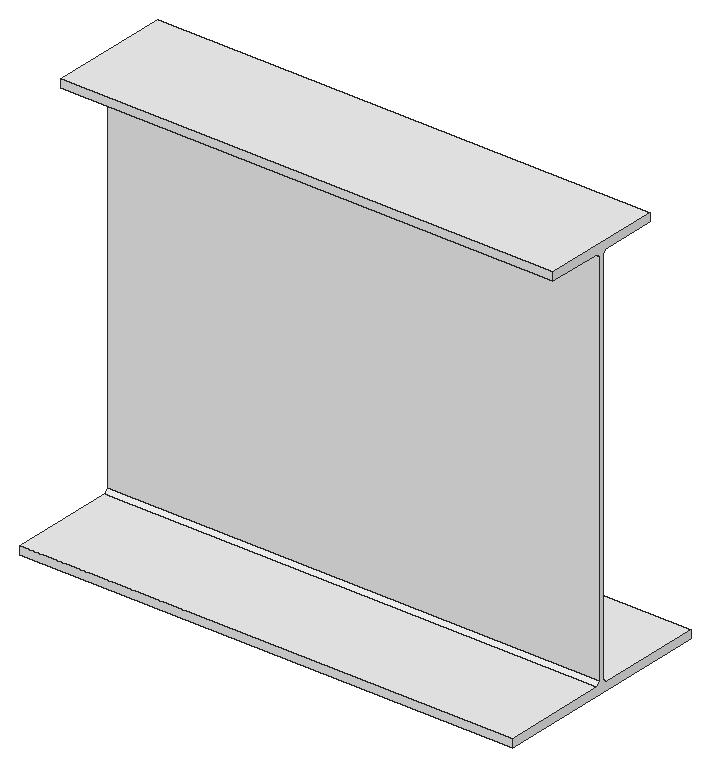
Revit family "9790b7ec6d68477ab86c77bdaef10bef", category Structural Framing, Revit 2021
Family settings
  Structural Framing Length Roundoff = 0' - 0"
  Section Shape = Not Defined
  Material for Model Behavior = Steel
  Always export as geometry = No
  OmniClass Number = 23.25.30.11.14.14
  OmniClass Title = Beams
  Seek Item ID = WRF-Welded Reduced Flange-0000-USA-ENU
  Always vertical = Yes
  Cut with Voids When Loaded = No
  Symbolic Representation = From Project Settings
  Shared = No
  Show family pre-cut in plan views = Yes
Parameters (values of type "WRF39x141")
  bf_t = 0' - 11 207/256"
  W = 141
  Structural Material [instance] = Steel ASTM A572
  Assembly Code = "B10"
  Length [instance] = 5' - 0"
  bf_b = 1' - 9 83/128"
  d = 3' - 3 95/256"
  k = 0' - 0 9/16"
  tf = 0' - 0 201/256"
  tw = 0' - 0 101/256"
  A = 0.29 SF
Reference planes (in)
  plane 1 "Center (Front/Back)": y = 0
  plane 2: z = 0
  plane 3 "Center (Left/Right)": x = 0.1815
  plane 4 "Member Left": x = -23.8185
  plane 5 "Member Right": x = 24.1815
  plane 6: y = 10.82422
  plane 7: y = -10.82422
  plane 8 "Top": z = 19.68555
  plane 9: z = -19.68555
  plane 10 "Left": x = -29.8185
  plane 11 "Right": x = 30.1815
Forms (in)
  Sweep 1, solid, material "Steel ASTM A572" <- "Structural Material", detail levels medium
    path origin (0, 0, 0) x (1, 0, 0) y (0, 1, 0)
      loop
        line (24.1815, 0) -> (-23.8185, 0)
    profile "WRF-Wide Flange-Profile-Medium : WRF-Wide Flange-Profile-Medium" origin (0.1815, 0, 0) x (0, -1, 0) y (0, 0, 1)
      loop
        line (-10.82422, -19.68555) -> (10.82422, -19.68555) -> (10.82422, -18.90039) -> (0.19727, -18.90039) -> (0.19727, 18.90039) -> (5.9043, 18.90039) -> (5.9043, 19.68555) -> (-5.9043, 19.68555) -> (-5.9043, 18.90039) -> (-0.19727, 18.90039) -> (-0.19727, -18.90039) -> (-10.82422, -18.90039) -> (-10.82422, -19.68555)
  Sweep 2, solid, material "Steel ASTM A572" <- "Structural Material", detail levels fine
    path origin (0, 0, 0) x (1, 0, 0) y (0, 1, 0)
      loop
        line (24.1815, 0) -> (-23.8185, 0)
    profile "WRF-Wide Flange-Profile-Fine : WRF-Wide Flange-Profile-Fine" origin (0.1815, 0, 0) x (0, -1, 0) y (0, 0, 1)
      loop
        line (-0.5625, -18.90039) -> (-10.82422, -18.90039) -> (-10.82422, -19.68555) -> (10.82422, -19.68555) -> (10.82422, -18.90039) -> (0.5625, -18.90039) -> (0.19727, -18.53516) -> (0.19727, 18.53516) -> (0.5625, 18.90039) -> (5.9043, 18.90039) -> (5.9043, 19.68555) -> (-5.9043, 19.68555) -> (-5.9043, 18.90039) -> (-0.5625, 18.90039) -> (-0.19727, 18.53516) -> (-0.19727, -18.53516) -> (-0.5625, -18.90039)
Lines and regions (in)
  symbolic lines, style "Hidden Faces", detail levels medium+fine
    curve 1: line (-23.8185, -0.19727, 0) -> (24.1815, -0.19727, 0)
    curve 2: line (-23.8185, 0.19727, 0) -> (24.1815, 0.19727, 0)
  symbolic lines, style "Stick Symbols", detail levels coarse
    curve 3: line (0.1815, -10.82422, -19.68555) -> (0.1815, 10.82422, -19.68555)
    curve 4: line (0.1815, 5.9043, 19.68555) -> (0.1815, -5.9043, 19.68555)
    curve 5: line (0.1815, 0, 19.68555) -> (0.1815, 0, -19.68555)
Dimensions and locks (in)
  "bf_b": plane 6 to plane 7
  "d": plane 9 to plane 8 "Top"
  equal spacing: plane 9, plane 2, plane 8 "Top"
  equal spacing: plane 6, plane 1 "Center (Front/Back)", plane 7
  "Length": plane 10 "Left" to plane 11 "Right"
  "tw": curve 1 to curve 2
  equal spacing: curve 1, plane 1 "Center (Front/Back)", curve 2
  aligned and locked: Sweep 1 sketch curve to plane 1 "Center (Front/Back)"
  aligned and locked: Sweep 2 sketch curve to plane 1 "Center (Front/Back)"
  aligned and locked: curve 3 to Sweep 2  (x2)
  aligned and locked: curve 4 to Sweep 2  (x2)
  aligned and locked: Sweep 2 to curve 3
  aligned and locked: Sweep 2 to curve 4
  aligned and locked: plane 4 "Member Left" to Sweep 2 sketch curve
  aligned and locked: plane 5 "Member Right" to Sweep 2 sketch curve
  aligned and locked: plane 4 "Member Left" to Sweep 1 sketch curve
  aligned and locked: plane 5 "Member Right" to Sweep 1 sketch curve
  aligned and locked: plane 4 "Member Left" to curve 2
  aligned and locked: plane 4 "Member Left" to curve 1
  aligned and locked: plane 5 "Member Right" to curve 2
  aligned and locked: plane 5 "Member Right" to curve 1
Automatic sketch dimensions
  curve 5 to plane 1 "Center (Front/Back)" = 0' - 0"
